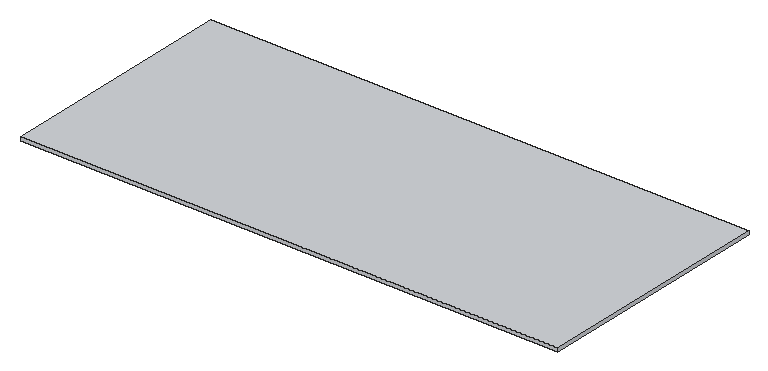
Revit family "Lightline LED 88", category Lighting Fixtures, Revit 2014
Parameters (values of type "L2304")
  Wattage Comments = "17.2"
  Wattage = 17.2 W
  built-in parameter 1150110 = 1 (stored number, unit not read)
  Type Comments = "Surface"
  Type = "L2304"
  built-in parameter 1114217 = 1 (stored number, unit not read)
  Tilt Angle = 90.00°
  built-in parameter 1150109 = 1 (stored number, unit not read)
  built-in parameter 1150134 = 12
  built-in parameter 1150113 = 1 (stored number, unit not read)
  Photometric Web File = "L2304.ies"
  Length (mm) = "1140"
  Model = "L2304"
  Manufacturer = "Designed Architectural Lighting"
  Luminous flux of luminaire (lm) = "2560"
  Lumens = 2545.6 lm
  built-in parameter 1150115 = 1 (stored number, unit not read)
  built-in parameter 1150105 = 202.57 (stored number, unit not read)
  built-in parameter 1150137 = (empty or 0)
  built-in parameter 1150139 = (empty or 0)
  built-in parameter 1150112 = 1 (stored number, unit not read)
  built-in parameter 1150114 = 1 (stored number, unit not read)
  Lamp = "LED"
  built-in parameter 1150132 = (empty or 0)
  built-in parameter 1150102 = (empty or 0)
  built-in parameter 1150138 = (empty or 0)
  built-in parameter 1150107 = 4000 (stored number, unit not read)
  built-in parameter 1150106 = 2.0257 (stored number, unit not read)
  Height (mm) = "100"
  built-in parameter 1150104 = 13.75 (stored number, unit not read)
  Dimming Lamp Color Temperature Shift = <None>
  Description = "Surface Mounted Luminaire"
  Colour temperature (K) = "4000"
  Color Filter = 16777215
  CRI = "80"
  built-in parameter 1114218 = 1 (stored number, unit not read)
  built-in parameter 1150133 = 10 (stored number, unit not read)
  Apparent Load = 17.2 VA
Reference planes
  plane 1 "Light Source Axis (F/B)": y = 0
  plane 2: z = 0
  plane 3 "Light Source Axis (L/R)": x = 0
  plane 4 "Light Source Elevation": z = 0
Forms (mm)
  Extrusion 1, solid
    sketch origin (-338.915, -176.181, 0) x (1, 0, 0) y (0, 1, 0)
      loop
        line (-601.085, 595.555) -> (-601.085, -215.544) -> (1232.222, -215.544) -> (1232.222, 595.555) -> (-601.085, 595.555)
    from 99.65 to 111.65
  Extrusion 2, solid
    sketch origin (0, 0, 0) x (0, 1, 0) y (0, 0, 1)
      loop
        line (45.181, 9.022) -> (42.472, 9.022) -> (42.472, 0) -> (49.871, 0) -> (49.871, 99.65) -> (47.652, 99.65) -> (47.652, 95.463) -> (47.652, 92.545) -> (7.177, 92.545) -> (7.177, 98.292) -> (2.177, 98.292) -> (2.177, 96.716) -> (5.718, 96.716) -> (5.718, 95.909) -> (5.718, 92.545) -> (-5.718, 92.545) -> (-5.718, 95.909) -> (-5.718, 96.716) -> (-2.177, 96.716) -> (-2.177, 98.292) -> (-7.177, 98.292) -> (-7.177, 92.545) -> (-47.652, 92.545) -> (-47.652, 95.463) -> (-47.652, 99.65) -> (-49.871, 99.65) -> (-49.871, 0) -> (-42.472, 0) -> (-42.472, 9.022) -> (-45.181, 9.022) -> (-45.181, 2.545) -> (-47.652, 2.545) -> (-47.652, 14.227) -> (-45.181, 14.227) -> (-42.472, 18.097) -> (-42.472, 21.097) -> (-43.526, 22.152) -> (-45.181, 21.196) -> (-45.181, 18.219) -> (-46.316, 17.084) -> (-47.652, 17.084) -> (-47.652, 54.078) -> (-46.622, 54.078) -> (-44.885, 52.009) -> (-44.885, 50.047) -> (-43.564, 49.284) -> (-42.652, 50.195) -> (-42.652, 54.245) -> (-41.141, 55.118) -> (-41.141, 56.504) -> (-42.652, 56.909) -> (-44.163, 56.504) -> (-45.902, 56.504) -> (-46.622, 57.75) -> (-46.622, 59.19) -> (-45.417, 60.394) -> (-44.136, 60.394) -> (-42.949, 59.709) -> (-41.577, 59.709) -> (-40.559, 60.728) -> (-40.559, 64.646) -> (-36.445, 64.646) -> (-36.445, 66.722) -> (-40.794, 66.722) -> (-40.794, 68.564) -> (-42.652, 68.564) -> (-42.652, 62.922) -> (-47.652, 62.922) -> (-47.652, 90.909) -> (-5.718, 90.909) -> (5.718, 90.909) -> (47.652, 90.909) -> (47.652, 62.922) -> (42.652, 62.922) -> (42.652, 68.564) -> (40.794, 68.564) -> (40.794, 66.722) -> (36.445, 66.722) -> (36.445, 64.646) -> (40.559, 64.646) -> (40.559, 60.728) -> (41.577, 59.709) -> (42.949, 59.709) -> (44.136, 60.394) -> (45.417, 60.394) -> (46.622, 59.19) -> (46.622, 57.75) -> (45.902, 56.504) -> (44.163, 56.504) -> (42.652, 56.909) -> (41.141, 56.504) -> (41.141, 55.118) -> (42.652, 54.245) -> (42.652, 50.195) -> (43.564, 49.284) -> (44.885, 50.047) -> (44.885, 52.009) -> (46.622, 54.078) -> (47.652, 54.078) -> (47.652, 17.084) -> (46.316, 17.084) -> (45.181, 18.219) -> (45.181, 21.196) -> (43.526, 22.152) -> (42.472, 21.097) -> (42.472, 18.097) -> (45.181, 14.227) -> (47.652, 14.227) -> (47.652, 2.545) -> (45.181, 2.545) -> (45.181, 9.022)
    from -564.708 to 564.708
  Extrusion 3, solid
    sketch origin (0, 0, 0) x (0, 1, 0) y (0, 0, 1)
      loop
        line (46.329, 12.49) -> (42.029, 18.408) -> (40.731, 18.408) -> (40.731, 17.031) -> (44.209, 12.245) -> (40.731, 9.899) -> (40.731, 1.972) -> (4.259, 1.972) -> (-4.259, 1.972) -> (-40.731, 1.972) -> (-40.731, 9.899) -> (-44.209, 12.245) -> (-40.731, 17.031) -> (-40.731, 18.408) -> (-42.029, 18.408) -> (-46.329, 12.49) -> (-46.329, 11.495) -> (-42.472, 8.894) -> (-42.472, 0) -> (-4.259, 0) -> (4.259, 0) -> (42.472, 0) -> (42.472, 8.894) -> (46.329, 11.495) -> (46.329, 12.49)
    from -564.708 to 564.708
  Extrusion 4, solid
    sketch origin (0, 0, 0) x (0, 1, 0) y (0, 0, 1)
      loop
        line (49.871, 99.65) -> (-49.871, 99.65) -> (-49.871, 0) -> (49.871, 0) -> (49.871, 99.65)
    from 564.708 to 571.085
  Extrusion 5, solid
    sketch origin (0, 0, 0) x (0, 1, 0) y (0, 0, -1)
      loop
        line (49.871, -99.65) -> (49.871, 0) -> (-49.871, 0) -> (-49.871, -99.65) -> (49.871, -99.65)
    from 564.708 to 571.085
  Extrusion 6, solid
    sketch origin (0, 0, 0) x (0, 1, 0) y (0, 0, 1)
      loop
        line (40.559, 64.646) -> (39.374, 64.646) -> (39.374, 44.646) -> (2.258, 44.646) -> (-2.258, 44.646) -> (-39.374, 44.646) -> (-39.374, 64.646) -> (-40.559, 64.646) -> (-40.559, 43.525) -> (-2.258, 43.525) -> (2.258, 43.525) -> (40.559, 43.525) -> (40.559, 64.646)
    from -558.611 to 560.938
  Extrusion 7, solid
    sketch origin (0, 0, 0) x (0, 1, 0) y (0, 0, 1)
      loop
        line (39.013, 18.569) -> (26.297, 43.525) -> (3.915, 43.525) -> (-3.915, 43.525) -> (-26.297, 43.525) -> (-39.013, 18.569) -> (-37.881, 17.437) -> (-25.479, 41.776) -> (-5.479, 41.776) -> (5.479, 41.776) -> (25.479, 41.776) -> (37.881, 17.437) -> (39.013, 18.569)
    from -558.611 to 560.938
  Extrusion 8, solid
    sketch origin (0, 0, 0) x (0, 1, 0) y (0, 0, 1)
      loop
        line (39.015, 56.105) -> (2.641, 56.105) -> (-2.641, 56.105) -> (-39.015, 56.105) -> (-39.015, 45.12) -> (-5.076, 45.12) -> (5.076, 45.12) -> (39.015, 45.12) -> (39.015, 56.105)
    from -558.611 to 560.938
  Extrusion 9, solid
    sketch origin (0, 0, 0) x (0, 1, 0) y (0, 0, 1)
      loop
        line (16.757, 77.096) -> (-15.325, 77.096) -> (-15.325, 56.105) -> (16.757, 56.105) -> (16.757, 77.096)
    from 138.247 to 438.847
  Extrusion 10, solid
    sketch origin (-578.847, 0, 0) x (0, 1, 0) y (0, 0, 1)
      loop
        line (16.757, 77.096) -> (-15.325, 77.096) -> (-15.325, 56.105) -> (16.757, 56.105) -> (16.757, 77.096)
    from 138.247 to 438.847
Dimensions and locks
  aligned and locked: plane 3 "Light Source Axis (L/R)" to imposter light
  aligned and locked: plane 1 "Light Source Axis (F/B)" to imposter light
  aligned and locked: plane 4 "Light Source Elevation" to imposter light
  aligned and locked: level to plane 2
